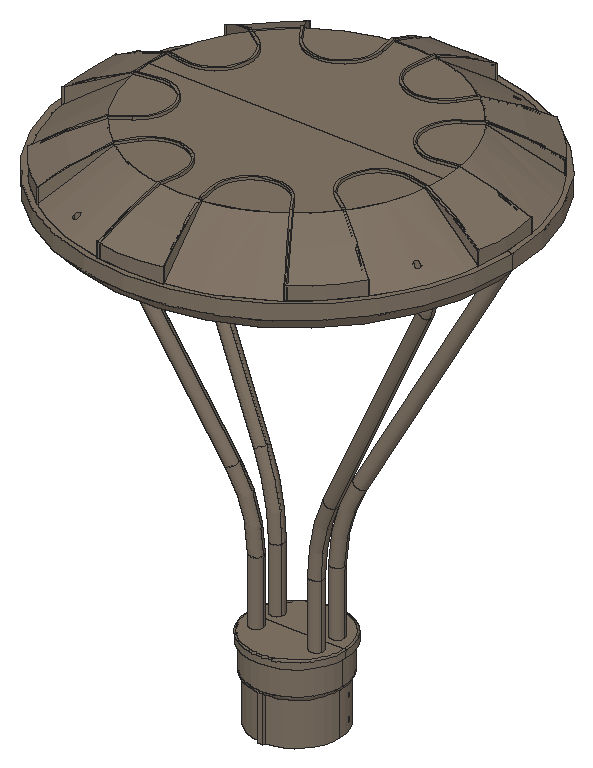
Revit family "LED MOON SERIES POST TOP", category Lighting Fixtures, host Face, Revit 2020
Family settings
  Host = Face
  Round Connector Dimension = Use Diameter
  Part Type = Normal
  Cut with Voids When Loaded = No
  Light Source = Yes
  Shared = No
  Room Calculation Point = No
Parameters (values of type "MPT135406-P1-V")
  Wattage = 100.106 W
  WATTS = 135 W
  built-in parameter 1150110 = 1 (stored number, unit not read)
  Voltage Comments = "347/480V"
  Voltage = 480 V
  URL = "https://www.abovealllighting.com/product/LED-OUTDOOR-FIXTURES/LEDMOONSERIESPOSTTOP/MoonSeriesPostTop.html"
  Type Comments = "LED MOON SERIES POST TOP"  # constant formula
  built-in parameter 1114217 = 1 (stored number, unit not read)
  Tilt Angle = 90.00°
  built-in parameter 1150109 = 1 (stored number, unit not read)
  built-in parameter 1150134 = 12
  built-in parameter 1150113 = 1 (stored number, unit not read)
  Replaces/Equiv.(MH) = "400 W"
  Photometric Web File = "generic.ies"
  Order number = ""
  Model = "MPT135406-P1-V"
  Manufacturer = "Above All Lighting"  # constant formula
  built-in parameter 1150105 = 5354 (stored number, unit not read)
  Lumens = 14870 lm
  built-in parameter 1150115 = 1 (stored number, unit not read)
  built-in parameter 1150137 = (empty or 0)
  built-in parameter 1150139 = (empty or 0)
  built-in parameter 1150112 = 1 (stored number, unit not read)
  built-in parameter 1150114 = 1 (stored number, unit not read)
  LIGHT LENGTH = 1' - 8.6"
  built-in parameter 1150132 = 2
  built-in parameter 1150102 = (empty or 0)
  built-in parameter 1150107 = 4000 (stored number, unit not read)
  built-in parameter 1150138 = (empty or 0)
  built-in parameter 1150106 = 53.54 (stored number, unit not read)
  IP Rating = "66"  # constant formula
  Fixture Diameter = 1' - 4 1/2"
  Finish/Color = Dark Bronze
  built-in parameter 1150104 = 13.8 (stored number, unit not read)
  Dimming Lamp Color Temperature Shift = <None>
  Description = "The moon series offers a high-performance solution for the most demanding applications packaged\r\nin a unique and easy to install design . With different precision refractive optical lenses and versatile\r\nmounting options including post top , low bay, parking garage, and gas station canopy, this luminaire\r\ncan be used in many applications such as pedestrian street, factories, schools, gardens, courtyards,\r\nhotels, parking lots, and public parks."  # constant formula
  Default Elevation = 4' - 0"
  Color Filter = 16777215
  CRI = "70"  # constant formula
  Base Dia = 0' - 3 77/256"
  built-in parameter 1114218 = 1 (stored number, unit not read)
  Average life based on 104F(HRS) = "70000"  # constant formula
  built-in parameter 1150133 = 10 (stored number, unit not read)
  Apparent Load = 168.75 VA
Reference planes (in)
  plane 1 "Center (Front/Back)": y = 0
  plane 2: z = 0
  plane 3 "Center (Left/Right)": x = 0
  plane 4: z = 20.6
  plane 5: z = 17.44061
Dimensions and locks (in)
  "LIGHT LENGTH": plane 4 to plane 2
  locked: plane 4 to plane 5 at 3.15939
  aligned and locked: plane 2 to host face
  aligned and locked: level to host face
  aligned and locked: plane 1 "Center (Front/Back)" to nested 1
  aligned and locked: plane 3 "Center (Left/Right)" to nested 1
  aligned and locked: plane 1 "Center (Front/Back)" to nested 2
  aligned and locked: plane 3 "Center (Left/Right)" to nested 2
  aligned and locked: nested 1 to nested 2
  aligned and locked: nested 2 to plane 5
  aligned and locked: plane 5 to imposter light
  aligned and locked: plane 3 "Center (Left/Right)" to imposter light
Automatic sketch dimensions
  host sketch curve to host sketch curve = 8' - 0"  (x2)
Nested families (in)
  nested 1: "BOTTOM" at (0, 0, 0), Fixture Height <- "LIGHT LENGTH", Body Material <- "Finish/Color", Base Dia <- "Base Dia", Fixture Diameter <- "Fixture Diameter", type "BOTTOM"
    with Fixture Height 1' - 8.6", Fixture Diameter 1' - 4 1/2", Body Material Dark Bronze, Base Dia 0' - 3 77/256"
  nested 2: "TOP" at (0, 0, 17.44061), Body Material <- "Finish/Color", Fixture Diameter <- "Fixture Diameter", type "TOP"
    with Motion Sensor yes, Fixture Diameter 1' - 4 1/2", Body Material Dark Bronze
Connectors (in)
  electrical at (0, 0, 0), driven by "Voltage", driven by "Apparent Load"
    settings: on host face, index 1, voltage 480 V, apparent load 168.75 VA, apparent load phase1 0 VA, apparent load phase2 0 VA, apparent load phase3 0 VA, power factor 1, load classification "Lighting", number of poles 1, system type 30, power factor state 1, is connector primary yes, connector utility no, sub classification motor no, connector description ""
Definition of nested family "BOTTOM"
  Parameters (values of type "BOTTOM")
    Fixture Height [instance] = 1' - 8.6"
    Fixture Diameter [instance] = 1' - 4 1/2"
    Default Elevation = 0' - 0"
    Body Material [instance] = none
    Base Dia [instance] = 0' - 3.3"
  Reference planes (in)
    plane 1 "Center (Front/Back)": y = 0
    plane 2: z = 0
    plane 3 "Center (Left/Right)": x = 0
    plane 4: z = 3.1
    plane 5: z = 20.6
    plane 6: x = -1.65
    plane 7: x = 1.65
    plane 8: z = 17.2875
    plane 9: x = -8.25
    plane 10: x = 8.25
    plane 11: z = 17.75234
  Forms (in)
    Revolve 1, solid, material <- "Body Material"
      sketch origin (0, 0, 0) x (1, 0, 0) y (0, 0, 1)
        loop
          line (0, 3.1) -> (-1.81515, 3.1)
          arc (-1.81515, 3.1) -> (-1.85041, 3.08539) -> (-1.86502, 3.05013) r 0.04987
          line (-1.86502, 3.05013) -> (-1.86502, 2.81011) -> (-1.75637, 2.781) -> (-1.75637, 1.80402)
          arc (-1.75637, 1.80402) -> (-1.72648, 1.71912) -> (-1.65, 1.67167) r 0.13553
          line (-1.65, 1.67167) -> (-1.65, 0) -> (-1.5875, 0) -> (-1.5875, 1.70687)
          arc (-1.5875, 1.70687) -> (-1.66419, 1.73863) -> (-1.69596, 1.81533) r 0.10846
          line (-1.69596, 1.81533) -> (-1.69596, 2.83521) -> (-1.81729, 2.86772) -> (-1.81729, 2.99239) -> (0, 2.99239) -> (0, 3.1)
        axis (0, 0) -> (0, 3.1)
      angle from 0 to 360
    Sweep 2, solid, material <- "Body Material"
      path origin (0.16859, -0.2806, 0) x (-0.965926, -0.258819, 0) y (0, 0, -1)
        loop
          line (-1.15, -3.1) -> (-1.15, -5.54829)
          arc (-1.15, -5.54829) -> (-1.34111, -7.05057) -> (-1.90228, -8.45715) r 6
          line (-1.90228, -8.45715) -> (-6.6478, -17.0808)
          arc (-6.6478, -17.0808) -> (-6.73327, -17.29503) -> (-6.76238, -17.52383) r 0.91381
          line (-6.76238, -17.52383) -> (-6.76238, -17.75234)
      profile origin (1.27941, 0.01704, 4.32415) x (-0.965926, -0.258819, 0) y (0.258819, -0.965926, 0)
        loop
          circle (0, -0.5) r 0.25
    Sweep 3, solid, material <- "Body Material"
      path origin (0.16859, 0.2806, 0) x (-0.965926, 0.258819, 0) y (0, 0, 1)
        loop
          line (-1.15, 3.1) -> (-1.15, 5.54829)
          arc (-1.15, 5.54829) -> (-1.34111, 7.05057) -> (-1.90228, 8.45715) r 6
          line (-1.90228, 8.45715) -> (-6.6478, 17.0808)
          arc (-6.6478, 17.0808) -> (-6.73327, 17.29503) -> (-6.76238, 17.52383) r 0.91381
          line (-6.76238, 17.52383) -> (-6.76238, 17.75234)
      profile origin (1.27941, -0.01704, 4.32415) x (0.965926, -0.258819, 0) y (0.258819, 0.965926, 0)
        loop
          circle (0, -0.5) r 0.25
    Sweep 4, solid, material <- "Body Material"
      path origin (-0.16859, -0.2806, 0) x (0.965926, -0.258819, 0) y (0, 0, 1)
        loop
          line (-1.15, 3.1) -> (-1.15, 5.54829)
          arc (-1.15, 5.54829) -> (-1.34111, 7.05057) -> (-1.90228, 8.45715) r 6
          line (-1.90228, 8.45715) -> (-6.6478, 17.0808)
          arc (-6.6478, 17.0808) -> (-6.73327, 17.29503) -> (-6.76238, 17.52383) r 0.91381
          line (-6.76238, 17.52383) -> (-6.76238, 17.75234)
      profile origin (-1.27941, 0.01704, 4.32415) x (-0.965926, 0.258819, 0) y (-0.258819, -0.965926, 0)
        loop
          circle (0, -0.5) r 0.25
    Sweep 5, solid, material <- "Body Material"
      path origin (-0.16859, 0.2806, 0) x (0.965926, 0.258819, 0) y (0, 0, -1)
        loop
          line (-1.15, -3.1) -> (-1.15, -5.54829)
          arc (-1.15, -5.54829) -> (-1.34111, -7.05057) -> (-1.90228, -8.45715) r 6
          line (-1.90228, -8.45715) -> (-6.6478, -17.0808)
          arc (-6.6478, -17.0808) -> (-6.73327, -17.29503) -> (-6.76238, -17.52383) r 0.91381
          line (-6.76238, -17.52383) -> (-6.76238, -17.75234)
      profile origin (-1.27941, -0.01704, 4.32415) x (0.965926, 0.258819, 0) y (-0.258819, 0.965926, 0)
        loop
          circle (0, -0.5) r 0.25
    Sweep 6, solid, material <- "Body Material"
      path origin (0, 0, 0) x (1, 0, 0) y (0, 0, 1)
        loop
          line (0, 0) -> (0, 1.86162)
      profile origin (0, 0, 0.93081) x (-1, 0, 0) y (0, -1, 0)
        loop
          arc (-0.11317, 1.64611) -> (0, 1.65) -> (0.11317, 1.64611) r 1.65
          line (0.11317, 1.64611) -> (0.11317, 1.74012)
          arc (0.11317, 1.74012) -> (0, 1.74375) -> (-0.11317, 1.74012) r 1.76719
          line (-0.11317, 1.74012) -> (-0.11317, 1.64611)
    Sweep 7, solid, material <- "Body Material"
      path origin (0, 0, 0) x (1, 0, 0) y (0, 0, -1)
        loop
          line (0, 0) -> (0, -1.86162)
      profile origin (0, 0, 0.93081) x (1, 0, 0) y (0, 1, 0)
        loop
          line (0.11317, 1.64611) -> (0.11317, 1.74012)
          arc (0.11317, 1.74012) -> (0, 1.74375) -> (-0.11317, 1.74012) r 1.76719
          line (-0.11317, 1.74012) -> (-0.11317, 1.64611)
          arc (-0.11317, 1.64611) -> (0, 1.65) -> (0.11317, 1.64611) r 1.65
    Extrusion 8, void
      sketch origin (0, 0, 0) x (0.325568, -0.945519, 0) y (0, 0, 1)
        loop
          circle (0, 0.37603) r 0.125
      from -2.41363 to 2.33637
    Extrusion 9, void
      sketch origin (0, 0, 0.83094) x (0.325568, -0.945519, 0) y (0, 0, 1)
        loop
          circle (0, 0.37603) r 0.125
      from -2.41363 to 2.33637
  Cuts and joins
    Extrusion 8, Extrusion 9 cuts Revolve 1
    Extrusion 8, Extrusion 9 cuts Sweep 6
    Extrusion 8, Extrusion 9 cuts Sweep 7
    joined: Revolve 1, Sweep 6, Sweep 7
  Dimensions and locks (in)
    plane 4 to plane 2 = 0' - 3.1"
    "Fixture Height": plane 5 to plane 2
    equal spacing: plane 7, plane 3 "Center (Left/Right)", plane 6
    "Base Dia": plane 7 to plane 6
    equal spacing: plane 10, plane 3 "Center (Left/Right)", plane 9
    "Fixture Diameter": plane 10 to plane 9
    locked: Revolve 1 sketch curve to Revolve 1 sketch curve at 0.0625
    locked: Revolve 1 sketch curve to Revolve 1 sketch curve at 0.10761
    locked: Revolve 1 sketch curve to Revolve 1 sketch curve at 0.06041
    plane 5 to plane 8 = 0' - 3 5/16"
    locked: plane 5 to plane 11 at 2.84766
    aligned and locked: plane 2 to level
    aligned and locked: Revolve 1 sketch curve to plane 6
    aligned and locked: level to Revolve 1 sketch curve
    aligned and locked: plane 4 to Revolve 1 sketch curve
    aligned and locked: Revolve 1 sketch curve to plane 3 "Center (Left/Right)"
    aligned and locked: plane 3 "Center (Left/Right)" to Revolve 1 sketch curve
    aligned and locked: plane 11 to Sweep 5 sketch curve
    aligned and locked: plane 11 to Sweep 3 sketch curve
    aligned and locked: plane 11 to Sweep 2 sketch curve
    aligned and locked: plane 11 to Sweep 4 sketch curve
  Automatic sketch dimensions
    Revolve 1 sketch curve to plane 6 = 0' - 0.04596"
    Revolve 1 sketch curve to plane 6 = 0' - 0.16515"
    Revolve 1 sketch curve to Revolve 1 sketch curve = 0' - 0.06092"
    Revolve 1 sketch curve to Revolve 1 sketch curve = 0' - 0.04773"
    plane 6 to Revolve 1 sketch curve = 0' - 0.02916"
    Revolve 1 sketch curve to Revolve 1 sketch curve = 0' - 1.32072"
    Revolve 1 sketch curve to Revolve 1 sketch curve = 0' - 0.0352"
    Revolve 1 sketch curve to Revolve 1 sketch curve = 0' - 0.2114"
    Revolve 1 sketch curve to Revolve 1 sketch curve = 0' - 0.02911"
    Revolve 1 sketch curve to Revolve 1 sketch curve = 0' - 0.05421"
    Revolve 1 sketch curve to Revolve 1 sketch curve = 0' - 0.05761"
    Revolve 1 sketch curve to level = 0' - 3"
    Revolve 1 sketch curve to Revolve 1 sketch curve = 0' - 0 3/4"
    Sweep 2 sketch curve to profile plane = 0' - 0"
    Sweep 2 sketch curve to profile plane = 0' - 0 1/2"
    Sweep 3 sketch curve to profile plane = 0' - 0"
    Sweep 3 sketch curve to profile plane = 0' - 0 1/2"
    profile plane to Sweep 4 sketch curve = 0' - 0"
    Sweep 4 sketch curve to profile plane = 0' - 0 1/2"
    profile plane to Sweep 5 sketch curve = 0' - 0"
    Sweep 5 sketch curve to profile plane = 0' - 0 1/2"
    Sweep 6 sketch curve to plane 3 "Center (Left/Right)" = 0' - 0"
    Sweep 6 sketch curve to level = 0' - 0"
    Sweep 6 sketch curve to plane 4 = 0' - 1.23838"
    Sweep 6 sketch curve to profile plane = 0' - 0"  (x2)
    plane 1 "Center (Front/Back)" to Sweep 6 sketch curve = 0' - 0"
    profile plane to Sweep 6 sketch curve = 0' - 0.11317"
    Sweep 6 sketch curve to profile plane = 0' - 0.11317"
    Sweep 6 sketch curve to Sweep 6 sketch curve = 0' - 0 3/128"
    plane 1 "Center (Front/Back)" to Sweep 6 sketch curve = 0' - 1.64611"
    Sweep 6 sketch curve to Sweep 6 sketch curve = 0' - 0.09401"
    Sweep 7 sketch curve to plane 3 "Center (Left/Right)" = 0' - 0"
    Sweep 7 sketch curve to level = 0' - 0"
    Sweep 7 sketch curve to plane 4 = 0' - 1.23838"
    Sweep 7 sketch curve to profile plane = 0' - 0"  (x3)
    profile plane to Sweep 7 sketch curve = 0' - 0.11317"
    Sweep 7 sketch curve to profile plane = 0' - 0.11317"
    Sweep 7 sketch curve to Sweep 7 sketch curve = 0' - 0 3/128"
    profile plane to Sweep 7 sketch curve = 0' - 1.64611"
    Sweep 7 sketch curve to Sweep 7 sketch curve = 0' - 0.09401"
    level to Extrusion 8 sketch curve = 0' - 0.37603"
    level to Extrusion 9 sketch curve = 0' - 1.20697"
    plane 4 to Sweep 5 sketch curve = 0' - 0"
    plane 4 to Sweep 5 sketch curve = 0' - 2.44829"
    plane 8 to Sweep 5 sketch curve = 0' - 0.23633"
    Sweep 5 sketch curve to Sweep 5 sketch curve = 0' - 0.38762"
    Sweep 5 sketch curve to plane 8 = 0' - 0.2067"
    Sweep 5 sketch curve to Sweep 5 sketch curve = 0' - 0.11457"
    plane 4 to Sweep 5 sketch curve = 0' - 5.35715"
    Sweep 5 sketch curve to Sweep 5 sketch curve = 0' - 5.24772"
    plane 4 to Sweep 3 sketch curve = 0' - 0"
    plane 4 to Sweep 3 sketch curve = 0' - 2.44829"
    plane 8 to Sweep 3 sketch curve = 0' - 0.23633"
    Sweep 3 sketch curve to Sweep 3 sketch curve = 0' - 0.38762"
    Sweep 3 sketch curve to plane 8 = 0' - 0.2067"
    Sweep 3 sketch curve to Sweep 3 sketch curve = 0' - 0.11457"
    plane 4 to Sweep 3 sketch curve = 0' - 5.35715"
    Sweep 3 sketch curve to Sweep 3 sketch curve = 0' - 5.24772"
    Sweep 2 sketch curve to plane 4 = 0' - 0"
    plane 4 to Sweep 2 sketch curve = 0' - 2.44829"
    plane 8 to Sweep 2 sketch curve = 0' - 0.23633"
    Sweep 2 sketch curve to Sweep 2 sketch curve = 0' - 0.38762"
    Sweep 2 sketch curve to plane 8 = 0' - 0.2067"
    Sweep 2 sketch curve to Sweep 2 sketch curve = 0' - 0.11457"
    plane 4 to Sweep 2 sketch curve = 0' - 5.35715"
    Sweep 2 sketch curve to Sweep 2 sketch curve = 0' - 5.24772"
    Sweep 4 sketch curve to plane 4 = 0' - 0"
    plane 4 to Sweep 4 sketch curve = 0' - 2.44829"
    plane 8 to Sweep 4 sketch curve = 0' - 0.23633"
    Sweep 4 sketch curve to Sweep 4 sketch curve = 0' - 0.38762"
    Sweep 4 sketch curve to plane 8 = 0' - 0.2067"
    Sweep 4 sketch curve to Sweep 4 sketch curve = 0' - 0.11457"
    plane 4 to Sweep 4 sketch curve = 0' - 5.35715"
    Sweep 4 sketch curve to Sweep 4 sketch curve = 0' - 5.24772"
    radius of Sweep 2 sketch curve = 0' - 0 1/4"
    radius of Sweep 3 sketch curve = 0' - 0 1/4"
    radius of Sweep 4 sketch curve = 0' - 0 1/4"
    radius of Sweep 5 sketch curve = 0' - 0 1/4"
    radius of Extrusion 8 sketch curve = 0' - 0 1/8"
    radius of Extrusion 9 sketch curve = 0' - 0 1/8"
Definition of nested family "TOP"
  Parameters (values of type "TOP")
    Motion Sensor [instance] = yes
    Fixture Diameter [instance] = 1' - 4 1/2"
    Default Elevation = 0' - 0"
    Body Material [instance] = none
  Reference planes (in)
    plane 1 "Center (Front/Back)": y = 0
    plane 2: z = 0
    plane 3 "Center (Left/Right)": x = 0
    plane 4: x = -8.25
    plane 5: x = 8.25
    plane 6: y = -1.25
    plane 7: y = 1.25
    plane 8: y = 0.82397
    plane 9: y = -0.82397
  Forms (in)
    Revolve 1, solid, material <- "Body Material"
      sketch origin (0, 0, 5.5) x (1, 0, 0) y (0, 0, -1)
        loop
          line (0, 5.0625) -> (-4.75, 5.0625) -> (-4.75, 5.5) -> (-5.5, 5.5) -> (-5.95421, 5.18196) -> (-7.69083, 5.18196) -> (-8.25, 4.62279) -> (-8.25, 4.06029) -> (-8.03125, 4.06029) -> (-5.63364, 2.41707) -> (0, 2.41707) -> (0, 5.0625)
        axis (0, 2.41707) -> (0, 5.5)
      angle from 0 to 360
    Extrusion 2, solid, material <- "Body Material"
      sketch origin (0, 0, 5.5) x (0, -1, 0) y (1, 0, 0)
        loop
          line (-0.82397, -5.57306) -> (-1.24431, -7.90184)
          arc (-1.24431, -7.90184) -> (-1.25886, -7.92236) -> (-1.28351, -7.92733) r 0.03412
          line (-1.28351, -7.92733) -> (-1.25, -7.93338)
          arc (-1.25, -7.93338) -> (0, -8.02441) -> (1.25, -7.93338) r 8.62785
          line (1.25, -7.93338) -> (1.28351, -7.92733)
          arc (1.28351, -7.92733) -> (1.25886, -7.92236) -> (1.24431, -7.90184) r 0.03412
          line (1.24431, -7.90184) -> (0.82397, -5.57306)
          arc (0.82397, -5.57306) -> (0, -5.63364) -> (-0.82397, -5.57306) r 5.63364
      from -4.06029 to -2.34061
    Extrusion 3, void
      sketch origin (0, 0, 5.5) x (1, 0, 0) y (0, 0, 1)
        loop
          arc (-8.0593, -3.58128) -> (-6.88972, -2.93357) -> (-5.65656, -2.41707) r 12.26001
          line (-5.65656, -2.41707) -> (-5.57299, -2.41707) -> (-5.57299, -2.01029) -> (-8.0593, -2.01029) -> (-8.0593, -3.58128)
      from -1.80104 to 2.37467
    Extrusion 4, solid, material <- "Body Material"
      sketch origin (0, 0, 5.5) x (-0.707107, -0.707107, 0) y (0.707107, -0.707107, 0)
        loop
          line (-0.82397, -5.57306) -> (-1.24431, -7.90184)
          arc (-1.24431, -7.90184) -> (-1.25886, -7.92236) -> (-1.28351, -7.92733) r 0.03412
          line (-1.28351, -7.92733) -> (-1.25, -7.93338)
          arc (-1.25, -7.93338) -> (0, -8.02441) -> (1.25, -7.93338) r 8.62785
          line (1.25, -7.93338) -> (1.28351, -7.92733)
          arc (1.28351, -7.92733) -> (1.25886, -7.92236) -> (1.24431, -7.90184) r 0.03412
          line (1.24431, -7.90184) -> (0.82397, -5.57306)
          arc (0.82397, -5.57306) -> (0, -5.63364) -> (-0.82397, -5.57306) r 5.63364
      from -4.06029 to -2.01029
    Extrusion 5, void
      sketch origin (0, 0, 5.5) x (0.707107, -0.707107, 0) y (0, 0, 1)
        loop
          arc (-8.0593, -3.58128) -> (-6.84329, -2.9112) -> (-5.55932, -2.3829) r 12.26001
          line (-5.55932, -2.3829) -> (-5.55932, -2.01029) -> (-8.0593, -2.01029) -> (-8.0593, -3.58128)
      from -1.80104 to 2.37467
    Extrusion 6, solid, material <- "Body Material"
      sketch origin (0, 0, 5.5) x (0.707107, -0.707107, 0) y (0.707107, 0.707107, 0)
        loop
          line (-0.82397, -5.57306) -> (-1.24431, -7.90184)
          arc (-1.24431, -7.90184) -> (-1.25886, -7.92236) -> (-1.28351, -7.92733) r 0.03412
          line (-1.28351, -7.92733) -> (-1.25, -7.93338)
          arc (-1.25, -7.93338) -> (0, -8.02441) -> (1.25, -7.93338) r 8.62785
          line (1.25, -7.93338) -> (1.28351, -7.92733)
          arc (1.28351, -7.92733) -> (1.25886, -7.92236) -> (1.24431, -7.90184) r 0.03412
          line (1.24431, -7.90184) -> (0.82397, -5.57306)
          arc (0.82397, -5.57306) -> (0, -5.63364) -> (-0.82397, -5.57306) r 5.63364
      from -4.06029 to -2.28654
    Extrusion 7, void
      sketch origin (0, 0, 5.5) x (0.707107, 0.707107, 0) y (0, 0, 1)
        loop
          arc (-8.0593, -3.58128) -> (-6.84329, -2.9112) -> (-5.55932, -2.3829) r 12.26001
          line (-5.55932, -2.3829) -> (-5.55932, -2.28654) -> (-8.0593, -2.28654) -> (-8.0593, -3.58128)
      from -1.80104 to 2.37467
    Extrusion 8, solid, material <- "Body Material"
      sketch origin (0, 0, 5.5) x (1, 0, 0) y (0, 1, 0)
        loop
          line (-0.82397, -5.57306) -> (-1.24431, -7.90184)
          arc (-1.24431, -7.90184) -> (-1.25886, -7.92236) -> (-1.28351, -7.92733) r 0.03412
          line (-1.28351, -7.92733) -> (-1.25, -7.93338)
          arc (-1.25, -7.93338) -> (0, -8.02441) -> (1.25, -7.93338) r 8.62785
          line (1.25, -7.93338) -> (1.28351, -7.92733)
          arc (1.28351, -7.92733) -> (1.25886, -7.92236) -> (1.24431, -7.90184) r 0.03412
          line (1.24431, -7.90184) -> (0.82397, -5.57306)
          arc (0.82397, -5.57306) -> (0, -5.63364) -> (-0.82397, -5.57306) r 5.63364
      from -4.06029 to -2.01029
    Extrusion 9, void
      sketch origin (0, 0, 5.5) x (0, 1, 0) y (0, 0, 1)
        loop
          arc (-8.0593, -3.58128) -> (-6.84329, -2.9112) -> (-5.55932, -2.3829) r 12.26001
          line (-5.55932, -2.3829) -> (-5.55932, -2.01029) -> (-8.0593, -2.01029) -> (-8.0593, -3.58128)
      from -1.80104 to 2.37467
    Extrusion 10, solid, material <- "Body Material"
      sketch origin (0, 0, 5.5) x (0.707107, 0.707107, 0) y (-0.707107, 0.707107, 0)
        loop
          line (-0.82397, -5.57306) -> (-1.24431, -7.90184)
          arc (-1.24431, -7.90184) -> (-1.25886, -7.92236) -> (-1.28351, -7.92733) r 0.03412
          line (-1.28351, -7.92733) -> (-1.25, -7.93338)
          arc (-1.25, -7.93338) -> (0, -8.02441) -> (1.25, -7.93338) r 8.62785
          line (1.25, -7.93338) -> (1.28351, -7.92733)
          arc (1.28351, -7.92733) -> (1.25886, -7.92236) -> (1.24431, -7.90184) r 0.03412
          line (1.24431, -7.90184) -> (0.82397, -5.57306)
          arc (0.82397, -5.57306) -> (0, -5.63364) -> (-0.82397, -5.57306) r 5.63364
      from -4.06029 to -2.34061
    Extrusion 11, void
      sketch origin (0, 0, 5.5) x (-0.707107, 0.707107, 0) y (0, 0, 1)
        loop
          arc (-8.0593, -3.58128) -> (-6.84329, -2.9112) -> (-5.55932, -2.3829) r 12.26001
          line (-5.55932, -2.3829) -> (-5.55932, -2.34061) -> (-8.0593, -2.34061) -> (-8.0593, -3.58128)
      from -1.80104 to 2.37467
    Extrusion 12, solid, material <- "Body Material"
      sketch origin (0, 0, 5.5) x (0, 1, 0) y (-1, 0, 0)
        loop
          line (-0.82397, -5.57306) -> (-1.24431, -7.90184)
          arc (-1.24431, -7.90184) -> (-1.25886, -7.92236) -> (-1.28351, -7.92733) r 0.03412
          line (-1.28351, -7.92733) -> (-1.25, -7.93338)
          arc (-1.25, -7.93338) -> (0, -8.02441) -> (1.25, -7.93338) r 8.62785
          line (1.25, -7.93338) -> (1.28351, -7.92733)
          arc (1.28351, -7.92733) -> (1.25886, -7.92236) -> (1.24431, -7.90184) r 0.03412
          line (1.24431, -7.90184) -> (0.82397, -5.57306)
          arc (0.82397, -5.57306) -> (0, -5.63364) -> (-0.82397, -5.57306) r 5.63364
      from -4.06029 to -2.01029
    Extrusion 13, void
      sketch origin (0, 0, 5.5) x (-1, 0, 0) y (0, 0, 1)
        loop
          arc (-8.0593, -3.58128) -> (-6.84329, -2.9112) -> (-5.55932, -2.3829) r 12.26001
          line (-5.55932, -2.3829) -> (-5.55932, -2.01029) -> (-8.0593, -2.01029) -> (-8.0593, -3.58128)
      from -1.80104 to 2.37467
    Extrusion 14, solid, material <- "Body Material"
      sketch origin (0, 0, 5.5) x (-0.707107, 0.707107, 0) y (-0.707107, -0.707107, 0)
        loop
          line (-0.82397, -5.57306) -> (-1.24431, -7.90184)
          arc (-1.24431, -7.90184) -> (-1.25886, -7.92236) -> (-1.28351, -7.92733) r 0.03412
          line (-1.28351, -7.92733) -> (-1.25, -7.93338)
          arc (-1.25, -7.93338) -> (0, -8.02441) -> (1.25, -7.93338) r 8.62785
          line (1.25, -7.93338) -> (1.28351, -7.92733)
          arc (1.28351, -7.92733) -> (1.25886, -7.92236) -> (1.24431, -7.90184) r 0.03412
          line (1.24431, -7.90184) -> (0.82397, -5.57306)
          arc (0.82397, -5.57306) -> (0, -5.63364) -> (-0.82397, -5.57306) r 5.63364
      from -4.06029 to -2.01029
    Extrusion 15, void
      sketch origin (0, 0, 5.5) x (-0.707107, -0.707107, 0) y (0, 0, 1)
        loop
          arc (-8.0593, -3.58128) -> (-6.84329, -2.9112) -> (-5.55932, -2.3829) r 12.26001
          line (-5.55932, -2.3829) -> (-5.55932, -2.01029) -> (-8.0593, -2.01029) -> (-8.0593, -3.58128)
      from -1.80104 to 2.37467
    Extrusion 16, solid, material <- "Body Material"
      sketch origin (0, 0, 5.5) x (-1, 0, 0) y (0, -1, 0)
        loop
          line (-0.82397, -5.57306) -> (-1.24431, -7.90184)
          arc (-1.24431, -7.90184) -> (-1.25886, -7.92236) -> (-1.28351, -7.92733) r 0.03412
          line (-1.28351, -7.92733) -> (-1.25, -7.93338)
          arc (-1.25, -7.93338) -> (0, -8.02441) -> (1.25, -7.93338) r 8.62785
          line (1.25, -7.93338) -> (1.28351, -7.92733)
          arc (1.28351, -7.92733) -> (1.25886, -7.92236) -> (1.24431, -7.90184) r 0.03412
          line (1.24431, -7.90184) -> (0.82397, -5.57306)
          arc (0.82397, -5.57306) -> (0, -5.63364) -> (-0.82397, -5.57306) r 5.63364
      from -4.06029 to -2.01029
    Extrusion 17, void
      sketch origin (0, 0, 5.5) x (0, -1, 0) y (0, 0, 1)
        loop
          arc (-8.0593, -3.58128) -> (-6.84329, -2.9112) -> (-5.55932, -2.3829) r 12.26001
          line (-5.55932, -2.3829) -> (-5.55932, -2.01029) -> (-8.0593, -2.01029) -> (-8.0593, -3.58128)
      from -1.80104 to 2.37467
    Extrusion 18, solid, material <- "Body Material"
      sketch origin (0, 0, 5.5) x (0, -1, 0) y (1, 0, 0)
        loop
          line (0.82397, -5.57306) -> (0.69075, -4.83498)
          arc (0.69075, -4.83498) -> (1.43676, -3.46865) -> (2.93041, -3.90728) r 1.24042
          line (2.93041, -3.90728) -> (3.35811, -4.52338) -> (4.70759, -6.4673) -> (4.77176, -6.42275) -> (3.42056, -4.47634) -> (2.99459, -3.86273)
          arc (2.99459, -3.86273) -> (1.40686, -3.39647) -> (0.61387, -4.84886) r 1.31855
          line (0.61387, -4.84886) -> (0.74655, -5.58395) -> (1.16742, -7.91572) -> (1.24431, -7.90184) -> (0.82397, -5.57306)
      from -2.34061 to -4.06029
    Extrusion 19, solid, material <- "Body Material"
      sketch origin (0, 0, 5.5) x (-0.707107, -0.707107, 0) y (0.707107, -0.707107, 0)
        loop
          line (0.82397, -5.57306) -> (0.69075, -4.83498)
          arc (0.69075, -4.83498) -> (1.43676, -3.46865) -> (2.93041, -3.90728) r 1.24042
          line (2.93041, -3.90728) -> (3.35811, -4.52338) -> (4.70759, -6.4673) -> (4.77176, -6.42275) -> (3.42056, -4.47634) -> (2.99459, -3.86273)
          arc (2.99459, -3.86273) -> (1.40686, -3.39647) -> (0.61387, -4.84886) r 1.31855
          line (0.61387, -4.84886) -> (0.74655, -5.58395) -> (1.16742, -7.91572) -> (1.24431, -7.90184) -> (0.82397, -5.57306)
      from -4.06029 to -2.34061
    Extrusion 20, solid, material <- "Body Material"
      sketch origin (0, 0, 5.5) x (0.707107, -0.707107, 0) y (0.707107, 0.707107, 0)
        loop
          line (0.82397, -5.57306) -> (0.69075, -4.83498)
          arc (0.69075, -4.83498) -> (1.43676, -3.46865) -> (2.93041, -3.90728) r 1.24042
          line (2.93041, -3.90728) -> (3.35811, -4.52338) -> (4.70759, -6.4673) -> (4.77176, -6.42275) -> (3.42056, -4.47634) -> (2.99459, -3.86273)
          arc (2.99459, -3.86273) -> (1.40686, -3.39647) -> (0.61387, -4.84886) r 1.31855
          line (0.61387, -4.84886) -> (0.74655, -5.58395) -> (1.16742, -7.91572) -> (1.24431, -7.90184) -> (0.82397, -5.57306)
      from -4.06029 to -2.34061
    Extrusion 21, solid, material <- "Body Material"
      sketch origin (0, 0, 5.5) x (1, 0, 0) y (0, 1, 0)
        loop
          line (0.82397, -5.57306) -> (0.69075, -4.83498)
          arc (0.69075, -4.83498) -> (1.43676, -3.46865) -> (2.93041, -3.90728) r 1.24042
          line (2.93041, -3.90728) -> (3.35811, -4.52338) -> (4.70759, -6.4673) -> (4.77176, -6.42275) -> (3.42056, -4.47634) -> (2.99459, -3.86273)
          arc (2.99459, -3.86273) -> (1.40686, -3.39647) -> (0.61387, -4.84886) r 1.31855
          line (0.61387, -4.84886) -> (0.74655, -5.58395) -> (1.16742, -7.91572) -> (1.24431, -7.90184) -> (0.82397, -5.57306)
      from -4.06029 to -2.34061
    Extrusion 22, solid, material <- "Body Material"
      sketch origin (0, 0, 5.5) x (0.707107, 0.707107, 0) y (-0.707107, 0.707107, 0)
        loop
          line (0.82397, -5.57306) -> (0.69075, -4.83498)
          arc (0.69075, -4.83498) -> (1.43676, -3.46865) -> (2.93041, -3.90728) r 1.24042
          line (2.93041, -3.90728) -> (3.35811, -4.52338) -> (4.70759, -6.4673) -> (4.77176, -6.42275) -> (3.42056, -4.47634) -> (2.99459, -3.86273)
          arc (2.99459, -3.86273) -> (1.40686, -3.39647) -> (0.61387, -4.84886) r 1.31855
          line (0.61387, -4.84886) -> (0.74655, -5.58395) -> (1.16742, -7.91572) -> (1.24431, -7.90184) -> (0.82397, -5.57306)
      from -4.06029 to -2.34061
    Extrusion 23, solid, material <- "Body Material"
      sketch origin (0, 0, 5.5) x (0, 1, 0) y (-1, 0, 0)
        loop
          line (0.82397, -5.57306) -> (0.69075, -4.83498)
          arc (0.69075, -4.83498) -> (1.43676, -3.46865) -> (2.93041, -3.90728) r 1.24042
          line (2.93041, -3.90728) -> (3.35811, -4.52338) -> (4.70759, -6.4673) -> (4.77176, -6.42275) -> (3.42056, -4.47634) -> (2.99459, -3.86273)
          arc (2.99459, -3.86273) -> (1.40686, -3.39647) -> (0.61387, -4.84886) r 1.31855
          line (0.61387, -4.84886) -> (0.74655, -5.58395) -> (1.16742, -7.91572) -> (1.24431, -7.90184) -> (0.82397, -5.57306)
      from -4.06029 to -2.34061
    Extrusion 24, solid, material <- "Body Material"
      sketch origin (0, 0, 5.5) x (-0.707107, 0.707107, 0) y (-0.707107, -0.707107, 0)
        loop
          line (0.82397, -5.57306) -> (0.69075, -4.83498)
          arc (0.69075, -4.83498) -> (1.43676, -3.46865) -> (2.93041, -3.90728) r 1.24042
          line (2.93041, -3.90728) -> (3.35811, -4.52338) -> (4.70759, -6.4673) -> (4.77176, -6.42275) -> (3.42056, -4.47634) -> (2.99459, -3.86273)
          arc (2.99459, -3.86273) -> (1.40686, -3.39647) -> (0.61387, -4.84886) r 1.31855
          line (0.61387, -4.84886) -> (0.74655, -5.58395) -> (1.16742, -7.91572) -> (1.24431, -7.90184) -> (0.82397, -5.57306)
      from -4.06029 to -2.34061
    Extrusion 25, solid, material <- "Body Material"
      sketch origin (0, 0, 5.5) x (-1, 0, 0) y (0, -1, 0)
        loop
          line (0.82397, -5.57306) -> (0.69075, -4.83498)
          arc (0.69075, -4.83498) -> (1.43676, -3.46865) -> (2.93041, -3.90728) r 1.24042
          line (2.93041, -3.90728) -> (3.35811, -4.52338) -> (4.70759, -6.4673) -> (4.77176, -6.42275) -> (3.42056, -4.47634) -> (2.99459, -3.86273)
          arc (2.99459, -3.86273) -> (1.40686, -3.39647) -> (0.61387, -4.84886) r 1.31855
          line (0.61387, -4.84886) -> (0.74655, -5.58395) -> (1.16742, -7.91572) -> (1.24431, -7.90184) -> (0.82397, -5.57306)
      from -4.06029 to -2.34061
    Revolve 26, void
      sketch origin (0, 0, 5.5) x (1, 0, 0) y (0, 0, -1)
        loop
          line (-5.64756, 1.32717) -> (-5.64756, 2.34061)
          arc (-5.64756, 2.34061) -> (-6.93588, 2.9178) -> (-8.14756, 3.6422) r 12.00796
          line (-8.14756, 3.6422) -> (-8.14756, 1.32717) -> (-5.64756, 1.32717)
        axis (0, 1.32717) -> (0, 3.6422)
      angle from 0 to 360
    Revolve 27, void
      sketch origin (0, 0, 5.5) x (1, 0, 0) y (0, 0, -1)
        loop
          arc (-5.58676, 2.34061) -> (-6.8335, 2.89411) -> (-8.02433, 3.55943) r 14.88425
          line (-8.02433, 3.55943) -> (-8.64774, 3.55943) -> (-8.64774, 1.59061) -> (-5.58676, 1.59061) -> (-5.58676, 2.34061)
        axis (0, 1.59061) -> (0, 3.55943)
      angle from 0 to 360
    Extrusion 28, void
      sketch origin (0, 0, 0) x (1, 0, 0) y (0, 1, 0)
        loop
          circle (-2.8722, -6.89299) r 0.12154
      from 0.87721 to 3.08293
    Extrusion 29, void
      sketch origin (0, 0, 0) x (0, -1, 0) y (1, 0, 0)
        loop
          circle (-2.8722, -6.89299) r 0.12154
      from 0.87721 to 3.08293
    Extrusion 30, void
      sketch origin (0, 0, 0) x (0, 1, 0) y (-1, 0, 0)
        loop
          circle (-2.8722, -6.89299) r 0.12154
      from 0.87721 to 3.08293
    Extrusion 31, void
      sketch origin (0, 0, 0) x (-1, 0, 0) y (0, -1, 0)
        loop
          circle (-2.8722, -6.89299) r 0.12154
      from 0.87721 to 3.08293
  Cuts and joins
    Extrusion 3, Extrusion 28, Extrusion 29, Extrusion 30, Extrusion 31 cuts Revolve 1
    Extrusion 3 cuts Extrusion 2
    Extrusion 3, Revolve 26 cuts Extrusion 18
    Extrusion 3, Revolve 26 cuts Extrusion 19
    Extrusion 5 cuts Extrusion 4
    Extrusion 5, Revolve 26 cuts Extrusion 25
    Extrusion 7 cuts Extrusion 6
    Extrusion 7, Revolve 26 cuts Extrusion 20
    Extrusion 9 cuts Extrusion 8
    Extrusion 9, Revolve 27 cuts Extrusion 21
    Extrusion 11 cuts Extrusion 10
    Extrusion 11, Revolve 26 cuts Extrusion 22
    Extrusion 13 cuts Extrusion 12
    Extrusion 13, Revolve 26 cuts Extrusion 23
    Extrusion 15 cuts Extrusion 14
    Extrusion 15, Revolve 26 cuts Extrusion 24
    Extrusion 17 cuts Extrusion 16
  Lines and regions (in)
    symbolic lines
      curve 1: line (0, 5.63364, 2.41707) -> (0, 5.63364, 4.06029)
  Dimensions and locks (in)
    equal spacing: plane 5, plane 3 "Center (Left/Right)", plane 4
    "Fixture Diameter": plane 5 to plane 4
    equal spacing: plane 7, plane 1 "Center (Front/Back)", plane 6
    plane 7 to plane 6 = 0' - 2 1/2"
    equal spacing: plane 9, plane 1 "Center (Front/Back)", plane 8
    plane 9 to plane 8 = 0' - 1.64794"
    aligned and locked: plane 2 to level
    aligned and locked: Extrusion 18 to Revolve 1
    aligned and locked: cut or joined group of Revolve 1, Extrusion 3, Extrusion 28, Extrusion 29, Extrusion 30, Extrusion 31 to Extrusion 8
    aligned and locked: cut or joined group of Revolve 1, Extrusion 3, Extrusion 28, Extrusion 29, Extrusion 30, Extrusion 31 to Extrusion 24
    aligned and locked: cut or joined group of Revolve 1, Extrusion 3, Extrusion 28, Extrusion 29, Extrusion 30, Extrusion 31 to Extrusion 22
    aligned and locked: cut or joined group of Revolve 1, Extrusion 3, Extrusion 28, Extrusion 29, Extrusion 30, Extrusion 31 to Extrusion 23
    aligned and locked: cut or joined group of Revolve 1, Extrusion 3, Extrusion 28, Extrusion 29, Extrusion 30, Extrusion 31 to Extrusion 19
    aligned and locked: cut or joined group of Revolve 1, Extrusion 3, Extrusion 28, Extrusion 29, Extrusion 30, Extrusion 31 to plane 2
    aligned and locked: Revolve 1 to Extrusion 28
    aligned and locked: Extrusion 28 to Revolve 1
  Automatic sketch dimensions
    plane 7 to curve 1 = 0' - 4.38364"
    Revolve 1 sketch curve to plane 4 = 0' - 0"
    Revolve 1 sketch curve to plane 3 "Center (Left/Right)" = 0' - 0"  (x2)
    Revolve 1 sketch curve to plane 4 = 0' - 0 7/32"
    Revolve 1 sketch curve to plane 4 = 0' - 0.55917"
    Revolve 1 sketch curve to Revolve 1 sketch curve = 0' - 1.73662"
    Revolve 1 sketch curve to plane 4 = 0' - 2.61636"
    Revolve 1 sketch curve to Revolve 1 sketch curve = 0' - 0.45421"
    Revolve 1 sketch curve to Revolve 1 sketch curve = 0' - 0 3/4"
    Revolve 1 sketch curve to Revolve 1 sketch curve = 0' - 0.55917"
    Revolve 1 sketch curve to Revolve 1 sketch curve = 0' - 0 9/16"
    Revolve 1 sketch curve to Revolve 1 sketch curve = 0' - 2.7649"
    Revolve 1 sketch curve to Revolve 1 sketch curve = 0' - 1 1/2"
    Extrusion 2 sketch curve to plane 7 = 0' - 0"
    Extrusion 2 sketch curve to plane 8 = 0' - 0"
    plane 1 "Center (Front/Back)" to Extrusion 2 sketch curve = 0' - 0"  (x2)
    plane 9 to Extrusion 2 sketch curve = 0' - 0"
    Extrusion 2 sketch curve to plane 6 = 0' - 0"
    Extrusion 2 sketch curve to plane 3 "Center (Left/Right)" = 0' - 0"
    plane 7 to Extrusion 2 sketch curve = 0' - 0.02745"
    plane 7 to Extrusion 2 sketch curve = 0' - 0.03351"
    Extrusion 2 sketch curve to plane 7 = 0' - 0.00569"
    plane 6 to Extrusion 2 sketch curve = 0' - 0.00569"
    Extrusion 2 sketch curve to plane 6 = 0' - 0.02745"
    Extrusion 2 sketch curve to plane 6 = 0' - 0.03351"
    plane 4 to Extrusion 2 sketch curve = 0' - 2.67694"
    plane 4 to Extrusion 2 sketch curve = 0' - 0.35625"  (x2)
    Extrusion 2 sketch curve to Extrusion 2 sketch curve = 0' - 0.00809"  (x2)
    Extrusion 2 sketch curve to Extrusion 2 sketch curve = 0' - 0.03154"
    Extrusion 2 sketch curve to Extrusion 2 sketch curve = 0' - 0.60344"
    Extrusion 3 sketch curve to plane 4 = 0' - 0.1907"
    Extrusion 3 sketch curve to Extrusion 3 sketch curve = 0' - 2.40273"
    Extrusion 3 sketch curve to Extrusion 3 sketch curve = 0' - 0.08358"
    level to Extrusion 3 sketch curve = 0' - 8.46664"
    plane 3 "Center (Left/Right)" to Extrusion 3 sketch curve = 0' - 1.54377"
    Extrusion 3 sketch curve to Extrusion 3 sketch curve = 0' - 0.40678"
    plane 1 "Center (Front/Back)" to Extrusion 4 sketch curve = 0' - 0"
    Extrusion 4 sketch curve to plane 3 "Center (Left/Right)" = 0' - 0"
    Extrusion 4 sketch curve to Extrusion 4 sketch curve = 0' - 0"
    Extrusion 4 sketch curve to Extrusion 4 sketch curve = 0' - 0.82397"
    Extrusion 4 sketch curve to Extrusion 4 sketch curve = 0' - 0.42034"  (x2)
    Extrusion 4 sketch curve to Extrusion 4 sketch curve = 0' - 0.00569"  (x2)
    Extrusion 4 sketch curve to Extrusion 4 sketch curve = 0' - 0.03315"  (x2)
    Extrusion 4 sketch curve to Extrusion 4 sketch curve = 0' - 0.03351"  (x2)
    Extrusion 4 sketch curve to Extrusion 4 sketch curve = 0' - 1.64794"
    Extrusion 4 sketch curve to Extrusion 4 sketch curve = 0' - 5.57306"
    Extrusion 4 sketch curve to Extrusion 4 sketch curve = 0' - 2.3207"  (x2)
    Extrusion 4 sketch curve to Extrusion 4 sketch curve = 0' - 0.00809"  (x2)
    Extrusion 4 sketch curve to Extrusion 4 sketch curve = 0' - 0.03154"
    Extrusion 4 sketch curve to Extrusion 4 sketch curve = 0' - 0.60344"
    Extrusion 5 sketch curve to Extrusion 5 sketch curve = 0' - 2 1/2"
    Extrusion 5 sketch curve to level = 0' - 8.46664"
    Extrusion 5 sketch curve to Extrusion 5 sketch curve = 0' - 6.51553"
    Extrusion 5 sketch curve to Extrusion 5 sketch curve = 0' - 1.571"
    plane 1 "Center (Front/Back)" to Extrusion 6 sketch curve = 0' - 0"
    Extrusion 6 sketch curve to plane 3 "Center (Left/Right)" = 0' - 0"
    Extrusion 6 sketch curve to Extrusion 6 sketch curve = 0' - 0"
    Extrusion 6 sketch curve to Extrusion 6 sketch curve = 0' - 0.82397"
    Extrusion 6 sketch curve to Extrusion 6 sketch curve = 0' - 0.42034"  (x2)
    Extrusion 6 sketch curve to Extrusion 6 sketch curve = 0' - 0.00569"  (x2)
    Extrusion 6 sketch curve to Extrusion 6 sketch curve = 0' - 0.03315"  (x2)
    Extrusion 6 sketch curve to Extrusion 6 sketch curve = 0' - 0.03351"  (x2)
    Extrusion 6 sketch curve to Extrusion 6 sketch curve = 0' - 1.64794"
    Extrusion 6 sketch curve to Extrusion 6 sketch curve = 0' - 5.57306"
    Extrusion 6 sketch curve to Extrusion 6 sketch curve = 0' - 2.3207"  (x2)
    Extrusion 6 sketch curve to Extrusion 6 sketch curve = 0' - 0.00809"  (x2)
    Extrusion 6 sketch curve to Extrusion 6 sketch curve = 0' - 0.03154"
    Extrusion 6 sketch curve to Extrusion 6 sketch curve = 0' - 0.60344"
    Extrusion 7 sketch curve to Extrusion 7 sketch curve = 0' - 2 1/2"
    Extrusion 7 sketch curve to level = 0' - 8.46664"
    Extrusion 7 sketch curve to Extrusion 7 sketch curve = 0' - 6.51553"
    Extrusion 7 sketch curve to Extrusion 7 sketch curve = 0' - 1.29474"
    Extrusion 8 sketch curve to plane 3 "Center (Left/Right)" = 0' - 0"  (x2)
    plane 1 "Center (Front/Back)" to Extrusion 8 sketch curve = 0' - 0"
    Extrusion 8 sketch curve to plane 3 "Center (Left/Right)" = 0' - 0.82397"
    Extrusion 8 sketch curve to plane 3 "Center (Left/Right)" = 0' - 1.24431"
    Extrusion 8 sketch curve to Extrusion 8 sketch curve = 0' - 0.00569"  (x2)
    Extrusion 8 sketch curve to Extrusion 8 sketch curve = 0' - 0.03315"  (x2)
    Extrusion 8 sketch curve to Extrusion 8 sketch curve = 0' - 0.03351"  (x2)
    plane 3 "Center (Left/Right)" to Extrusion 8 sketch curve = 0' - 0.82397"
    plane 3 "Center (Left/Right)" to Extrusion 8 sketch curve = 0' - 1.24431"
    Extrusion 8 sketch curve to plane 6 = 0' - 4.32306"
    Extrusion 8 sketch curve to Extrusion 8 sketch curve = 0' - 2.3207"  (x2)
    Extrusion 8 sketch curve to Extrusion 8 sketch curve = 0' - 0.00809"  (x2)
    Extrusion 8 sketch curve to Extrusion 8 sketch curve = 0' - 0.03154"
    Extrusion 8 sketch curve to plane 8 = 0' - 0.22053"
    Extrusion 9 sketch curve to plane 6 = 0' - 6.8093"
    Extrusion 9 sketch curve to Extrusion 9 sketch curve = 0' - 2 1/2"
    Extrusion 9 sketch curve to plane 6 = 0' - 0.29377"
    Extrusion 9 sketch curve to level = 0' - 8.46664"
    Extrusion 9 sketch curve to Extrusion 9 sketch curve = 0' - 1.571"
    plane 1 "Center (Front/Back)" to Extrusion 10 sketch curve = 0' - 0"
    Extrusion 10 sketch curve to plane 3 "Center (Left/Right)" = 0' - 0"
    Extrusion 10 sketch curve to Extrusion 10 sketch curve = 0' - 0"
    Extrusion 10 sketch curve to Extrusion 10 sketch curve = 0' - 0.82397"
    Extrusion 10 sketch curve to Extrusion 10 sketch curve = 0' - 0.42034"  (x2)
    Extrusion 10 sketch curve to Extrusion 10 sketch curve = 0' - 0.00569"  (x2)
    Extrusion 10 sketch curve to Extrusion 10 sketch curve = 0' - 0.03315"  (x2)
    Extrusion 10 sketch curve to Extrusion 10 sketch curve = 0' - 0.03351"  (x2)
    Extrusion 10 sketch curve to Extrusion 10 sketch curve = 0' - 1.64794"
    Extrusion 10 sketch curve to Extrusion 10 sketch curve = 0' - 5.57306"
    Extrusion 10 sketch curve to Extrusion 10 sketch curve = 0' - 2.3207"  (x2)
    Extrusion 10 sketch curve to Extrusion 10 sketch curve = 0' - 0.00809"  (x2)
    Extrusion 10 sketch curve to Extrusion 10 sketch curve = 0' - 0.03154"
    Extrusion 10 sketch curve to Extrusion 10 sketch curve = 0' - 0.60344"
    Extrusion 11 sketch curve to Extrusion 11 sketch curve = 0' - 2 1/2"
    Extrusion 11 sketch curve to level = 0' - 8.46664"
    Extrusion 11 sketch curve to Extrusion 11 sketch curve = 0' - 6.51553"
    Extrusion 11 sketch curve to Extrusion 11 sketch curve = 0' - 1.24068"
    Extrusion 12 sketch curve to plane 6 = 0' - 0"
    plane 9 to Extrusion 12 sketch curve = 0' - 0"
    plane 1 "Center (Front/Back)" to Extrusion 12 sketch curve = 0' - 0"  (x2)
    plane 8 to Extrusion 12 sketch curve = 0' - 0"
    Extrusion 12 sketch curve to plane 7 = 0' - 0"
    Extrusion 12 sketch curve to plane 3 "Center (Left/Right)" = 0' - 0"
    Extrusion 12 sketch curve to plane 6 = 0' - 0.02745"
    Extrusion 12 sketch curve to plane 6 = 0' - 0.03351"
    plane 6 to Extrusion 12 sketch curve = 0' - 0.00569"
    Extrusion 12 sketch curve to plane 7 = 0' - 0.00569"
    plane 7 to Extrusion 12 sketch curve = 0' - 0.02745"
    plane 7 to Extrusion 12 sketch curve = 0' - 0.03351"
    plane 5 to Extrusion 12 sketch curve = 0' - 2.67694"
    plane 5 to Extrusion 12 sketch curve = 0' - 0.35625"  (x2)
    Extrusion 12 sketch curve to Extrusion 12 sketch curve = 0' - 0.00809"  (x2)
    Extrusion 12 sketch curve to Extrusion 12 sketch curve = 0' - 0.03154"
    Extrusion 12 sketch curve to Extrusion 12 sketch curve = 0' - 0.60344"
    plane 5 to Extrusion 13 sketch curve = 0' - 0.1907"
    Extrusion 13 sketch curve to Extrusion 13 sketch curve = 0' - 2 1/2"
    Extrusion 13 sketch curve to level = 0' - 8.46664"
    plane 3 "Center (Left/Right)" to Extrusion 13 sketch curve = 0' - 1.54377"
    Extrusion 13 sketch curve to Extrusion 13 sketch curve = 0' - 1.571"
    plane 1 "Center (Front/Back)" to Extrusion 14 sketch curve = 0' - 0"
    Extrusion 14 sketch curve to plane 3 "Center (Left/Right)" = 0' - 0"
    Extrusion 14 sketch curve to Extrusion 14 sketch curve = 0' - 0"
    Extrusion 14 sketch curve to Extrusion 14 sketch curve = 0' - 0.82397"
    Extrusion 14 sketch curve to Extrusion 14 sketch curve = 0' - 0.42034"  (x2)
    Extrusion 14 sketch curve to Extrusion 14 sketch curve = 0' - 0.00569"  (x2)
    Extrusion 14 sketch curve to Extrusion 14 sketch curve = 0' - 0.03315"  (x2)
    Extrusion 14 sketch curve to Extrusion 14 sketch curve = 0' - 0.03351"  (x2)
    Extrusion 14 sketch curve to Extrusion 14 sketch curve = 0' - 1.64794"
    Extrusion 14 sketch curve to Extrusion 14 sketch curve = 0' - 5.57306"
    Extrusion 14 sketch curve to Extrusion 14 sketch curve = 0' - 2.3207"  (x2)
    Extrusion 14 sketch curve to Extrusion 14 sketch curve = 0' - 0.00809"  (x2)
    Extrusion 14 sketch curve to Extrusion 14 sketch curve = 0' - 0.03154"
    Extrusion 14 sketch curve to Extrusion 14 sketch curve = 0' - 0.60344"
    Extrusion 15 sketch curve to Extrusion 15 sketch curve = 0' - 2 1/2"
    Extrusion 15 sketch curve to level = 0' - 8.46664"
    Extrusion 15 sketch curve to Extrusion 15 sketch curve = 0' - 6.51553"
    Extrusion 15 sketch curve to Extrusion 15 sketch curve = 0' - 1.571"
    Extrusion 16 sketch curve to plane 3 "Center (Left/Right)" = 0' - 0"  (x2)
    plane 1 "Center (Front/Back)" to Extrusion 16 sketch curve = 0' - 0"
    plane 3 "Center (Left/Right)" to Extrusion 16 sketch curve = 0' - 0.82397"
    plane 3 "Center (Left/Right)" to Extrusion 16 sketch curve = 0' - 1.24431"
    Extrusion 16 sketch curve to Extrusion 16 sketch curve = 0' - 0.00569"  (x2)
    Extrusion 16 sketch curve to Extrusion 16 sketch curve = 0' - 0.03315"  (x2)
    Extrusion 16 sketch curve to Extrusion 16 sketch curve = 0' - 0.03351"  (x2)
    Extrusion 16 sketch curve to plane 3 "Center (Left/Right)" = 0' - 0.82397"
    Extrusion 16 sketch curve to plane 3 "Center (Left/Right)" = 0' - 1.24431"
    plane 7 to Extrusion 16 sketch curve = 0' - 4.32306"
    Extrusion 16 sketch curve to Extrusion 16 sketch curve = 0' - 2.3207"  (x2)
    Extrusion 16 sketch curve to Extrusion 16 sketch curve = 0' - 0.00809"  (x2)
    Extrusion 16 sketch curve to Extrusion 16 sketch curve = 0' - 0.03154"
    Extrusion 16 sketch curve to plane 9 = 0' - 0.22053"
    plane 7 to Extrusion 17 sketch curve = 0' - 6.8093"
    Extrusion 17 sketch curve to Extrusion 17 sketch curve = 0' - 2 1/2"
    plane 7 to Extrusion 17 sketch curve = 0' - 0.29377"
    Extrusion 17 sketch curve to level = 0' - 8.46664"
    Extrusion 17 sketch curve to Extrusion 17 sketch curve = 0' - 1.571"
    Extrusion 18 sketch curve to Extrusion 18 sketch curve = 0' - 0"  (x2)
    plane 9 to Extrusion 18 sketch curve = 0' - 0"
    Extrusion 18 sketch curve to plane 9 = 0' - 0.07742"
    Extrusion 18 sketch curve to plane 9 = 0' - 0.13322"
    Extrusion 18 sketch curve to Extrusion 18 sketch curve = 0' - 0.07688"
    plane 6 to Extrusion 18 sketch curve = 0' - 0.08258"
    plane 6 to Extrusion 18 sketch curve = 0' - 0.00569"
    Extrusion 18 sketch curve to plane 6 = 0' - 0.66145"
    Extrusion 18 sketch curve to Extrusion 18 sketch curve = 0' - 1.01896"
    Extrusion 18 sketch curve to Extrusion 18 sketch curve = 0' - 0.06418"  (x2)
    Extrusion 18 sketch curve to Extrusion 18 sketch curve = 0' - 0.4277"
    Extrusion 18 sketch curve to Extrusion 18 sketch curve = 0' - 0.06245"
    plane 4 to Extrusion 18 sketch curve = 0' - 1.7827"
    Extrusion 18 sketch curve to Extrusion 18 sketch curve = 0' - 1.34948"
    plane 4 to Extrusion 18 sketch curve = 0' - 1.82725"
    plane 4 to Extrusion 18 sketch curve = 0' - 0.34816"
    Extrusion 18 sketch curve to Extrusion 18 sketch curve = 0' - 0.01388"  (x2)
    Extrusion 18 sketch curve to Extrusion 18 sketch curve = 0' - 0.73509"
    Extrusion 18 sketch curve to Extrusion 18 sketch curve = 0' - 0.22033"
    Extrusion 19 sketch curve to Extrusion 19 sketch curve = 0' - 0"  (x2)
    Extrusion 19 sketch curve to plane 8 = 0' - 0"
    plane 7 to Extrusion 19 sketch curve = 0' - 1.74459"
    Extrusion 19 sketch curve to plane 3 "Center (Left/Right)" = 0' - 3.86273"
    Extrusion 19 sketch curve to Extrusion 19 sketch curve = 0' - 0.07688"  (x2)
    Extrusion 19 sketch curve to Extrusion 19 sketch curve = 0' - 0.13268"
    Extrusion 19 sketch curve to Extrusion 19 sketch curve = 0' - 0.07742"
    Extrusion 19 sketch curve to Extrusion 19 sketch curve = 0' - 0.34345"
    Extrusion 19 sketch curve to Extrusion 19 sketch curve = 0' - 1.2207"
    Extrusion 19 sketch curve to Extrusion 19 sketch curve = 0' - 1.01896"
    Extrusion 19 sketch curve to Extrusion 19 sketch curve = 0' - 0.06418"  (x2)
    Extrusion 19 sketch curve to Extrusion 19 sketch curve = 0' - 0.4277"
    Extrusion 19 sketch curve to Extrusion 19 sketch curve = 0' - 0.06245"
    Extrusion 19 sketch curve to Extrusion 19 sketch curve = 0' - 1.34948"
    Extrusion 19 sketch curve to Extrusion 19 sketch curve = 0' - 0.7242"
    Extrusion 19 sketch curve to Extrusion 19 sketch curve = 0' - 0.0109"
    Extrusion 19 sketch curve to Extrusion 19 sketch curve = 0' - 1.89937"
    Extrusion 19 sketch curve to Extrusion 19 sketch curve = 0' - 0.01388"
    Extrusion 19 sketch curve to Extrusion 19 sketch curve = 0' - 0.22033"
    Extrusion 20 sketch curve to Extrusion 20 sketch curve = 0' - 0"  (x2)
    Extrusion 20 sketch curve to plane 6 = 0' - 2.61273"
    Extrusion 20 sketch curve to plane 3 "Center (Left/Right)" = 0' - 2.99459"
    Extrusion 20 sketch curve to Extrusion 20 sketch curve = 0' - 0.07688"  (x2)
    Extrusion 20 sketch curve to Extrusion 20 sketch curve = 0' - 0.13268"
    Extrusion 20 sketch curve to Extrusion 20 sketch curve = 0' - 0.07742"
    Extrusion 20 sketch curve to Extrusion 20 sketch curve = 0' - 0.34345"
    Extrusion 20 sketch curve to Extrusion 20 sketch curve = 0' - 1.2207"
    Extrusion 20 sketch curve to Extrusion 20 sketch curve = 0' - 1.01896"
    Extrusion 20 sketch curve to Extrusion 20 sketch curve = 0' - 0.06418"  (x2)
    Extrusion 20 sketch curve to Extrusion 20 sketch curve = 0' - 0.4277"
    Extrusion 20 sketch curve to Extrusion 20 sketch curve = 0' - 0.06245"
    Extrusion 20 sketch curve to Extrusion 20 sketch curve = 0' - 1.34948"
    Extrusion 20 sketch curve to Extrusion 20 sketch curve = 0' - 0.7242"
    Extrusion 20 sketch curve to Extrusion 20 sketch curve = 0' - 0.0109"
    Extrusion 20 sketch curve to Extrusion 20 sketch curve = 0' - 1.47909"
    Extrusion 20 sketch curve to Extrusion 20 sketch curve = 0' - 0.04455"
    Extrusion 20 sketch curve to Extrusion 20 sketch curve = 0' - 0.01388"
    Extrusion 20 sketch curve to Extrusion 20 sketch curve = 0' - 0.22033"
    Extrusion 21 sketch curve to Extrusion 21 sketch curve = 0' - 0"  (x2)
    plane 3 "Center (Left/Right)" to Extrusion 21 sketch curve = 0' - 0.61387"
    Extrusion 21 sketch curve to Extrusion 21 sketch curve = 0' - 0.07688"  (x2)
    plane 3 "Center (Left/Right)" to Extrusion 21 sketch curve = 0' - 0.74655"
    Extrusion 21 sketch curve to Extrusion 21 sketch curve = 0' - 0.07742"
    plane 3 "Center (Left/Right)" to Extrusion 21 sketch curve = 0' - 1.16742"
    Extrusion 21 sketch curve to Extrusion 21 sketch curve = 0' - 1.2207"
    Extrusion 21 sketch curve to Extrusion 21 sketch curve = 0' - 1.01896"
    Extrusion 21 sketch curve to plane 6 = 0' - 2.61273"
    Extrusion 21 sketch curve to Extrusion 21 sketch curve = 0' - 0.06418"  (x2)
    Extrusion 21 sketch curve to Extrusion 21 sketch curve = 0' - 0.4277"
    Extrusion 21 sketch curve to Extrusion 21 sketch curve = 0' - 0.06245"
    Extrusion 21 sketch curve to Extrusion 21 sketch curve = 0' - 1.34948"
    Extrusion 21 sketch curve to Extrusion 21 sketch curve = 0' - 0.04455"
    Extrusion 21 sketch curve to Extrusion 21 sketch curve = 0' - 0.61361"
    Extrusion 21 sketch curve to Extrusion 21 sketch curve = 0' - 0.04704"
    Extrusion 21 sketch curve to Extrusion 21 sketch curve = 0' - 0.70737"
    Extrusion 21 sketch curve to Extrusion 21 sketch curve = 0' - 0.73807"
    Extrusion 21 sketch curve to Extrusion 21 sketch curve = 0' - 0.0109"
    Extrusion 22 sketch curve to Extrusion 22 sketch curve = 0' - 0"  (x2)
    plane 9 to Extrusion 22 sketch curve = 0' - 0"
    Extrusion 22 sketch curve to plane 6 = 0' - 1.74459"
    plane 3 "Center (Left/Right)" to Extrusion 22 sketch curve = 0' - 3.86273"
    Extrusion 22 sketch curve to Extrusion 22 sketch curve = 0' - 0.07688"  (x2)
    Extrusion 22 sketch curve to Extrusion 22 sketch curve = 0' - 0.13268"
    Extrusion 22 sketch curve to Extrusion 22 sketch curve = 0' - 0.07742"
    Extrusion 22 sketch curve to Extrusion 22 sketch curve = 0' - 0.34345"
    Extrusion 22 sketch curve to Extrusion 22 sketch curve = 0' - 1.2207"
    Extrusion 22 sketch curve to Extrusion 22 sketch curve = 0' - 1.01896"
    Extrusion 22 sketch curve to Extrusion 22 sketch curve = 0' - 0.06418"  (x2)
    Extrusion 22 sketch curve to Extrusion 22 sketch curve = 0' - 0.4277"
    Extrusion 22 sketch curve to Extrusion 22 sketch curve = 0' - 0.06245"
    Extrusion 22 sketch curve to Extrusion 22 sketch curve = 0' - 1.34948"
    Extrusion 22 sketch curve to Extrusion 22 sketch curve = 0' - 0.7242"
    Extrusion 22 sketch curve to Extrusion 22 sketch curve = 0' - 0.0109"
    Extrusion 22 sketch curve to Extrusion 22 sketch curve = 0' - 1.89937"
    Extrusion 22 sketch curve to Extrusion 22 sketch curve = 0' - 0.01388"
    Extrusion 22 sketch curve to Extrusion 22 sketch curve = 0' - 0.22033"
    Extrusion 23 sketch curve to Extrusion 23 sketch curve = 0' - 0"  (x2)
    plane 8 to Extrusion 23 sketch curve = 0' - 0"
    Extrusion 23 sketch curve to plane 8 = 0' - 0.07742"
    Extrusion 23 sketch curve to plane 8 = 0' - 0.13322"
    Extrusion 23 sketch curve to Extrusion 23 sketch curve = 0' - 0.07688"
    Extrusion 23 sketch curve to plane 7 = 0' - 0.08258"
    Extrusion 23 sketch curve to plane 7 = 0' - 0.00569"
    plane 7 to Extrusion 23 sketch curve = 0' - 0.66145"
    Extrusion 23 sketch curve to Extrusion 23 sketch curve = 0' - 1.01896"
    Extrusion 23 sketch curve to Extrusion 23 sketch curve = 0' - 0.06418"  (x2)
    Extrusion 23 sketch curve to Extrusion 23 sketch curve = 0' - 0.4277"
    Extrusion 23 sketch curve to Extrusion 23 sketch curve = 0' - 0.06245"
    plane 5 to Extrusion 23 sketch curve = 0' - 1.7827"
    Extrusion 23 sketch curve to Extrusion 23 sketch curve = 0' - 1.34948"
    plane 5 to Extrusion 23 sketch curve = 0' - 1.82725"
    plane 5 to Extrusion 23 sketch curve = 0' - 0.34816"
    Extrusion 23 sketch curve to Extrusion 23 sketch curve = 0' - 0.01388"  (x2)
    Extrusion 23 sketch curve to Extrusion 23 sketch curve = 0' - 0.73509"
    Extrusion 23 sketch curve to Extrusion 23 sketch curve = 0' - 0.22033"
    Extrusion 24 sketch curve to Extrusion 24 sketch curve = 0' - 0"  (x2)
    plane 7 to Extrusion 24 sketch curve = 0' - 2.61273"
    plane 3 "Center (Left/Right)" to Extrusion 24 sketch curve = 0' - 2.99459"
    Extrusion 24 sketch curve to Extrusion 24 sketch curve = 0' - 0.07688"  (x2)
    Extrusion 24 sketch curve to Extrusion 24 sketch curve = 0' - 0.13268"
    Extrusion 24 sketch curve to Extrusion 24 sketch curve = 0' - 0.07742"
    Extrusion 24 sketch curve to Extrusion 24 sketch curve = 0' - 0.34345"
    Extrusion 24 sketch curve to Extrusion 24 sketch curve = 0' - 1.2207"
    Extrusion 24 sketch curve to Extrusion 24 sketch curve = 0' - 1.01896"
    Extrusion 24 sketch curve to Extrusion 24 sketch curve = 0' - 0.06418"  (x2)
    Extrusion 24 sketch curve to Extrusion 24 sketch curve = 0' - 0.4277"
    Extrusion 24 sketch curve to Extrusion 24 sketch curve = 0' - 0.06245"
    Extrusion 24 sketch curve to Extrusion 24 sketch curve = 0' - 1.34948"
    Extrusion 24 sketch curve to Extrusion 24 sketch curve = 0' - 0.7242"
    Extrusion 24 sketch curve to Extrusion 24 sketch curve = 0' - 0.0109"
    Extrusion 24 sketch curve to Extrusion 24 sketch curve = 0' - 1.47909"
    Extrusion 24 sketch curve to Extrusion 24 sketch curve = 0' - 0.04455"
    Extrusion 24 sketch curve to Extrusion 24 sketch curve = 0' - 0.01388"
    Extrusion 24 sketch curve to Extrusion 24 sketch curve = 0' - 0.22033"
    Extrusion 25 sketch curve to Extrusion 25 sketch curve = 0' - 0"  (x2)
    Extrusion 25 sketch curve to plane 3 "Center (Left/Right)" = 0' - 0.61387"
    Extrusion 25 sketch curve to Extrusion 25 sketch curve = 0' - 0.07688"  (x2)
